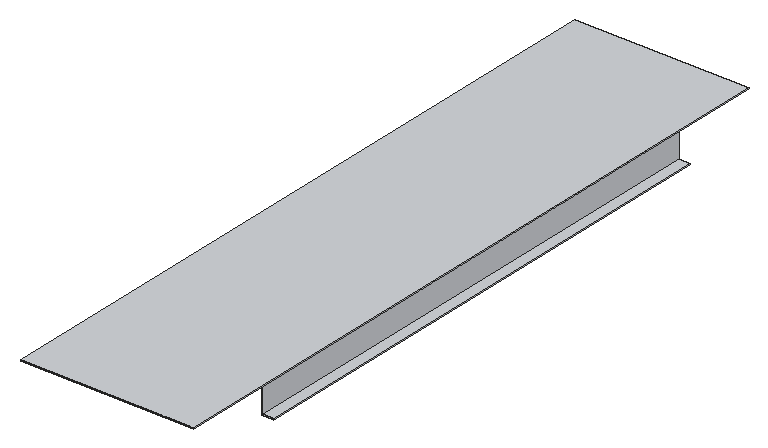
Revit family "Support Framing System (Blanket Insulation) (Upper End Support Channel)", category Mechanical Equipment, Revit 2015
Parameters
  Width = 1' - 0"
  URL = "https://unitedenertech.com/catalog/pdf/Support%20Framing%20System%20-%20Ins.pdf"
  Type Comments = "Consult Factory for Max. Sizes"
  Model = "Support Framing System (Blanket Insulation) (Upper End Support Channel)"
  Manufacturer = "Untied Enertech Corporation"
  Length = 4' - 0"
  Description = "Support Framing System for Insulated Blanket Roof"
Reference planes (in)
  plane 1 "Center (Front/Back)": y = 0
  plane 2: z = 0
  plane 3 "Center (Left/Right)": x = 0
  plane 4: x = -6
  plane 5: x = 6
  plane 6: x = -6.75
  plane 7: x = 6.75
  plane 8: z = 0.0747
  plane 9: x = -5.9253
  plane 10: x = 5.9253
  plane 11: y = 24
  plane 12: y = -24
  plane 13: y = -18
  plane 14: y = 18
  plane 15: z = 1.875
  plane 16: z = 1.8003
Forms (in)
  Extrusion 1, solid
    sketch origin (0, 0, 0) x (1, 0, 0) y (0, 0, 1)
      loop
        line (-6, 1.875) -> (-6, 1.8003) -> (6, 1.8003) -> (6, 1.875) -> (-6, 1.875)
    from -24 to 24
  Extrusion 2, solid
    sketch origin (0, 0, 0) x (1, 0, 0) y (0, 0, 1)
      loop
        line (-6.75, 0) -> (-5.9253, 0) -> (-5.9253, 1.8003) -> (-6, 1.8003) -> (-6, 0.0747) -> (-6.75, 0.0747) -> (-6.75, 0)
    from -18 to 18
  Extrusion 3, solid
    sketch origin (0, 0, 0) x (1, 0, 0) y (0, 0, 1)
      loop
        line (5.9253, 1.8003) -> (5.9253, 0) -> (6.75, 0) -> (6.75, 0.0747) -> (6, 0.0747) -> (6, 1.8003) -> (5.9253, 1.8003)
    from -18 to 18
Dimensions and locks (in)
  equal spacing: plane 5, plane 3 "Center (Left/Right)", plane 4
  "Width": plane 5 to plane 4
  locked: plane 6 to plane 4 at 0.75
  locked: plane 7 to plane 5 at 0.75
  locked: plane 8 to level at 0.0747
  locked: plane 4 to plane 9 at 0.0747
  locked: plane 5 to plane 10 at 0.0747
  equal spacing: plane 11, plane 1 "Center (Front/Back)", plane 12
  "Length": plane 11 to plane 12
  locked: plane 13 to plane 12 at 6
  locked: plane 11 to plane 14 at 6
  locked: plane 15 to level at 1.875
  locked: plane 15 to plane 16 at 0.0747
  aligned and locked: level to plane 2
  aligned and locked: plane 4 to Extrusion 1 sketch curve
  aligned and locked: Extrusion 1 sketch curve to plane 5
  aligned and locked: plane 11 to Extrusion 1
  aligned and locked: Extrusion 1 to plane 12
  aligned and locked: Extrusion 2 sketch curve to plane 4
  aligned and locked: Extrusion 2 sketch curve to plane 9
  aligned and locked: plane 8 to Extrusion 2 sketch curve
  aligned and locked: plane 6 to Extrusion 2 sketch curve
  aligned and locked: Extrusion 2 sketch curve to level
  aligned and locked: plane 14 to Extrusion 2
  aligned and locked: Extrusion 2 to plane 13
  aligned and locked: plane 5 to Extrusion 3 sketch curve
  aligned and locked: Extrusion 3 sketch curve to plane 10
  aligned and locked: Extrusion 3 sketch curve to level
  aligned and locked: plane 7 to Extrusion 3 sketch curve
  aligned and locked: plane 8 to Extrusion 3 sketch curve
  aligned and locked: plane 14 to Extrusion 3
  aligned and locked: Extrusion 3 to plane 13
  aligned and locked: plane 16 to Extrusion 1 sketch curve
  aligned and locked: Extrusion 1 sketch curve to plane 15
  aligned and locked: plane 16 to Extrusion 2 sketch curve
  aligned and locked: plane 16 to Extrusion 3 sketch curve
